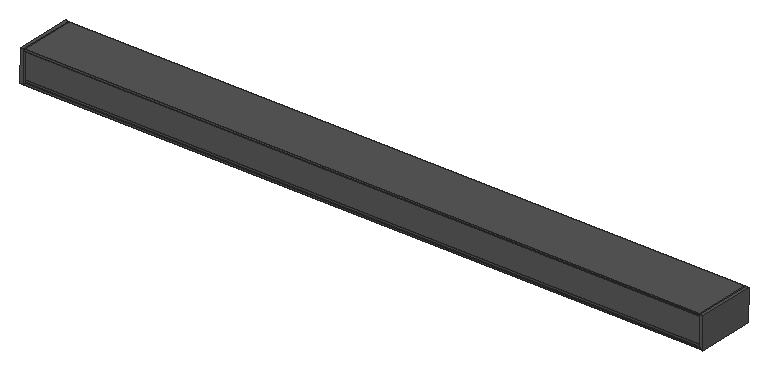
Revit family "EOS2.0-W-D", category Lighting Fixtures, host Face, Revit 2018
Family settings
  Host = Face
  Round Connector Dimension = Use Diameter
  Part Type = Normal
  Cut with Voids When Loaded = No
  Light Source = Yes
  Shared = Yes
  Room Calculation Point = Yes
Parameters (values of type "4' Direct")
  Wattage = 17.6471 W
  built-in parameter 1150110 = 1 (stored number, unit not read)
  Voltage = 0 V
  built-in parameter 1114217 = 1 (stored number, unit not read)
  built-in parameter 1150109 = 1 (stored number, unit not read)
  built-in parameter 1150134 = 12
  Switch Leg Visibility = yes
  Switch Leg [instance] = ""
  built-in parameter 1150113 = 1 (stored number, unit not read)
  Material [instance] = LUX ILLUMINAIRE Black
  built-in parameter 1150105 = 477.46 (stored number, unit not read)
  Lumens = 1500 lm
  built-in parameter 1150115 = 1 (stored number, unit not read)
  Light Source Symbol Size = 2' - 0"
  built-in parameter 1150137 = (empty or 0)
  built-in parameter 1150139 = (empty or 0)
  built-in parameter 1150112 = 1 (stored number, unit not read)
  built-in parameter 1150114 = 1 (stored number, unit not read)
  Lamp = "LED"
  built-in parameter 1150132 = 2
  built-in parameter 1150102 = (empty or 0)
  built-in parameter 1150107 = 4000 (stored number, unit not read)
  built-in parameter 1150138 = (empty or 0)
  built-in parameter 1150106 = 4.7746 (stored number, unit not read)
  Fixture Width = 0' - 2 1/4"  # constant formula
  Fixture Symbol Visiblity = yes
  Fixture Length = 3' - 11.99935"
  Emit from Rectangle Width = Fixture Width - 0' 0 1/4"  # 0' - 2"
  Emit from Rectangle Length = Fixture Length  # 3' - 11.99935"
  Emit Shape Visible in Rendering = yes
  Emergency Lighting [instance] = no
  built-in parameter 1150104 = 7.8968 (stored number, unit not read)
  Dimming Lamp Color Temperature Shift = <None>
  Default Elevation = 7' - 0"
  Color Filter = 16777215
  built-in parameter 1140040 [instance] = 1
  built-in parameter 1114218 = 1 (stored number, unit not read)
  built-in parameter 1150133 = 10 (stored number, unit not read)
  Apparent Load = 13.7 VA
Types (6): name | Wattage | built-in parameter 1150105 | Lumens | built-in parameter 1150106 | Fixture Length | Emit from Rectangle Length | Apparent Load
  3' Direct | 13.2353 W | 358.1 (stored number, unit not read) | 1125 lm | 3.581 (stored number, unit not read) | 3' - 0" | 3' - 0" | 10.3 VA
  4' Direct | 17.6471 W | 477.46 (stored number, unit not read) | 1500 lm | 4.7746 (stored number, unit not read) | 3' - 11.99935" | 3' - 11.99935" | 13.7 VA
  5' Direct | 22.0588 W | 596.83 (stored number, unit not read) | 1875 lm | 5.9683 (stored number, unit not read) | 5' - 0" | 5' - 0" | 17.2 VA
  6' Direct | 26.4706 W | 716.2 (stored number, unit not read) | 2250 lm | 7.162 (stored number, unit not read) | 6' - 0" | 6' - 0" | 20.6 VA
  7' Direct | 30.8824 W | 835.56 (stored number, unit not read) | 2625 lm | 8.3556 (stored number, unit not read) | 7' - 0" | 7' - 0" | 24 VA
  8' Direct | 35.2941 W | 954.93 (stored number, unit not read) | 3000 lm | 9.5493 (stored number, unit not read) | 8' - 0" | 8' - 0" | 27.4 VA
Reference planes (in)
  plane 1 "Center (Front/Back)": y = 0
  plane 2: z = 0
  plane 3 "Center (Left/Right)": x = 0
  plane 4: x = 23.99967
  plane 5: x = -23.99967
  plane 6: z = 1
  plane 7: x = 24.25229
  plane 8: x = -24.25033
  plane 9: z = 2.25
Forms (in)
  Extrusion 1, solid, material "LUX ILLUMINAIRE Black" <- "Material"
    sketch origin (0.0005, 24.09501, 2.09434) x (0.000014, 0, 1) y (0, -1, 0)
      loop
        line (-2.094, 20.08053) -> (0.15566, 20.08053) -> (0.15566, 24.09501) -> (0.07067, 24.09501) -> (0.07067, 23.982) -> (-0.08132, 23.99997) -> (-1.85745, 23.99997) -> (-2.00901, 23.982) -> (-2.00901, 24.09501) -> (-2.094, 24.09501) -> (-2.094, 20.08053)
    from -24.00015 to 23.99917
  Extrusion 2, solid, material "LUX ILLUMINAIRE Black" <- "Material"
    sketch origin (0.0005, 24.09501, 2.09434) x (0.000014, 0, 1) y (0, -1, 0)
      loop
        line (-2.094, 24.09501) -> (-2.094, 20.08053) -> (0.15566, 20.08053) -> (0.15566, 24.09501) -> (-2.094, 24.09501)
    from 23.9992 to 24.25178
  Extrusion 3, solid, not visible
    sketch origin (0, 0, 0) x (1, 0, 0) y (0, 1, 0)
      loop
        circle (0.00029, -24) r 0.1875
    from 0 to 1
  Extrusion 4, solid, not visible
    sketch origin (0, 0, 0) x (1, 0, 0) y (0, 1, 0)
      loop
        circle (0.0005, -24) r 0.03125
    from 1 to 13.33203
  Extrusion 5, solid, not visible
    sketch origin (0, 0, 0) x (1, 0, 0) y (0, 1, 0)
      loop
        circle (0.0005, -24) r 0.18729
    from 13.33203 to 14.08203
  Extrusion 6, solid, material "LUX ILLUMINAIRE Black" <- "Material"
    sketch origin (-23.9995, 24.09501, 2.09524) x (0.000014, 0, 1) y (0, 1, 0)
      loop
        line (-2.09431, -24.09501) -> (0.1551, -24.09501) -> (0.1551, -20.08053) -> (-2.09431, -20.08053) -> (-2.09431, -24.09501)
    from 0.00018 to 0.2508
Lines and regions (in)
  symbolic lines, visible <- "Fixture Symbol Visiblity"
    curve 1: line (23.99967, 0, 2.25) -> (-23.99967, 0, 2.25)
    curve 2: line (23.99967, 0, 0.09334) -> (23.99967, 0, 2.25)
    curve 3: line (-23.99967, 0, 0.09334) -> (23.99967, 0, 0.09334)
    curve 4: line (-23.99967, 0, 2.25) -> (-23.99967, 0, 0.09334)
Dimensions and locks (in)
  plane 5 to plane 4 = 3' - 11.99935"
  plane 4 to plane 5 = 3' - 11.99935"
  equal spacing: plane 4, plane 3 "Center (Left/Right)", plane 5
  "Fixture Length": plane 4 to plane 5
  plane 7 to plane 4 = 0' - 0.25261"
  plane 5 to plane 8 = 0' - 0.25065"
  plane 9 to level = 0' - 2 1/4"
  "Fixture Width": level to plane 9
  aligned and locked: plane 2 to host face
  aligned and locked: level to host face
  aligned and locked: plane 7 to Extrusion 2
  aligned and locked: Extrusion 2 to plane 4
  aligned and locked: plane 4 to Extrusion 1
  aligned and locked: Extrusion 6 to plane 8
  aligned and locked: plane 5 to Extrusion 6
  aligned and locked: Extrusion 1 to plane 5
  aligned and locked: plane 5 to curve 4
  aligned and locked: curve 2 to plane 4
  aligned and locked: plane 4 to nested 1
  aligned and locked: nested 1 to plane 5
  aligned and locked: nested 1 to plane 9
  aligned and locked: curve 1 to plane 9
Automatic sketch dimensions
  host sketch curve to host sketch curve = 8' - 0"  (x2)
  level to curve 3 = 0' - 0.09334"
  Extrusion 6 sketch curve to plane 1 "Center (Front/Back)" = 0' - 4.01447"
  Extrusion 6 sketch curve to Extrusion 6 sketch curve = 0' - 2.24941"
  plane 1 "Center (Front/Back)" to Extrusion 6 sketch curve = 0' - 0"
  Extrusion 1 sketch curve to plane 1 "Center (Front/Back)" = 0' - 4.01447"
  Extrusion 1 sketch curve to Extrusion 1 sketch curve = 0' - 0.08499"
  Extrusion 1 sketch curve to Extrusion 1 sketch curve = 0' - 0.15157"
  Extrusion 1 sketch curve to Extrusion 1 sketch curve = 0' - 1.77613"
  Extrusion 1 sketch curve to Extrusion 1 sketch curve = 0' - 0.15199"
  Extrusion 1 sketch curve to plane 1 "Center (Front/Back)" = 0' - 0.113"  (x2)
  Extrusion 1 sketch curve to Extrusion 1 sketch curve = 0' - 0.01797"
  Extrusion 1 sketch curve to Extrusion 1 sketch curve = 0' - 0.113"  (x2)
  Extrusion 1 sketch curve to Extrusion 1 sketch curve = 0' - 2.24967"
  Extrusion 2 sketch curve to plane 1 "Center (Front/Back)" = 0' - 4.01447"
  Extrusion 2 sketch curve to Extrusion 2 sketch curve = 0' - 2.24967"
  plane 1 "Center (Front/Back)" to Extrusion 2 sketch curve = 0' - 0"
  radius of Extrusion 3 sketch curve = 0' - 0 3/16"
  radius of Extrusion 4 sketch curve = 0' - 0 1/32"
  radius of Extrusion 5 sketch curve = 0' - 0.18729"
Nested families (in)
  nested 1: "Emergency Symbol Rectangle" at (0.00033, 0, -9.74771) x (-1, 0, 0) z (0, -1, 0), visible <- "Emergency Lighting", type "Emergency Symbol Rectangle"
    with Width 0' - 8.49542", Length 3' - 11.99935"
Connectors (in)
  electrical at (0, 4.01447, 1.12517), driven by "Apparent Load", driven by "Voltage"
    settings: on Extrusion 1, index 1, voltage 0 V, apparent load 0 VA, apparent load phase1 13.7 VA, apparent load phase2 0 VA, apparent load phase3 0 VA, power factor 1, load classification "Other", number of poles 1, system type 31, power factor state 1, is connector primary yes, connector utility no, sub classification motor no, connector description ""
Definition of nested family "Emergency Symbol Rectangle"
  Parameters (values of type "Emergency Symbol Rectangle")
    Width [instance] = 0' - 8 1/2"
    Length [instance] = 5' - 0"
    Emergency Visibility = no
  Reference planes (in)
    plane 1 "Center (Front/Back)": y = -7.75
    plane 2: z = 0
    plane 3 "Center (Left/Right)": x = -24
    plane 4: x = 24
    plane 5: x = -36
    plane 6: y = -3.5
    plane 7: y = -12
  Lines and regions (in)
    Filled region 1, type "Solid Fill - Black", in view "Ref. Level", detail levels coarse+medium
      outline origin (0, 0.25, 0) x (1, 0, 0) y (0, 1, 0)
        loop
          line (-36, -12.25) -> (24, -12.25) -> (-36, -10.125) -> (-36, -12.25)
  Dimensions and locks (in)
    equal spacing: plane 7, plane 1 "Center (Front/Back)", plane 6
    "Width": plane 7 to plane 6
    "Length": plane 5 to plane 4
    aligned and locked: plane 5 to Filled region 1
  Automatic sketch dimensions
    plane 1 "Center (Front/Back)" to Filled region 1 sketch curve = 0' - 2 1/8"
    Filled region 1 sketch curve to plane 3 "Center (Left/Right)" = 1' - 0"
    Filled region 1 sketch curve to plane 4 = 0' - 0"
    Filled region 1 sketch curve to plane 7 = 0' - 0"
